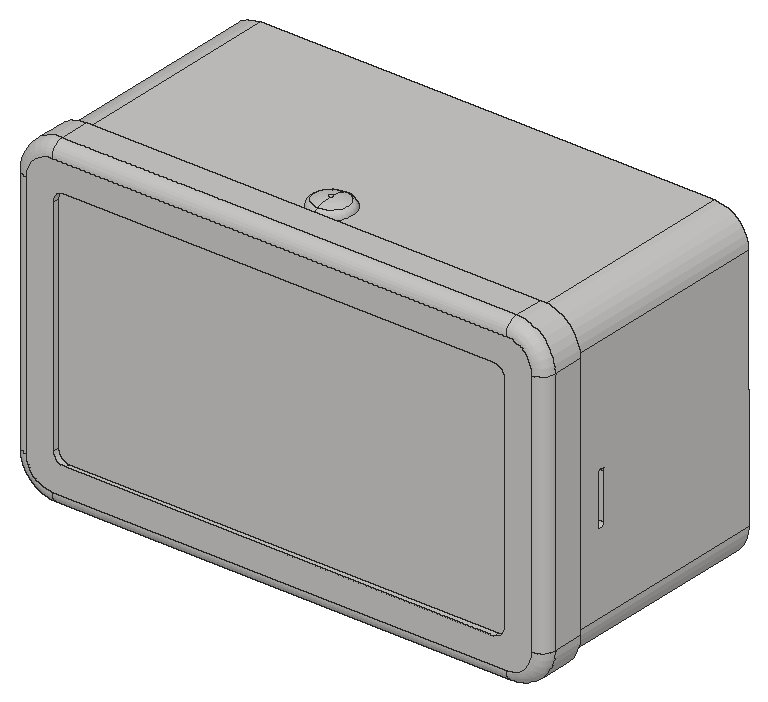
Revit family
Parameters (values of type "B-263")
  URL = "http://www.bobrick.com/"
  Revised Date = "28/08/2013"
  Product URL = "http://www.bobrick.com/washroomaccessories/Pages/ProductDetails.aspx?Product+Number=B-263"
  Phone # = "416.250.5656"
  Model = "B-263"
  Material = Stainless Steel
  Manufacturer = "Bobrick"
  Designed By = "ATS BIM Team"
  Description = "Surface-Mounted Paper Towel Dispenser"
  Assembly Code = "E2020200"
Reference planes (in)
  plane 1 "Center (Front/Back)": y = 0
  plane 2: z = 0
  plane 3 "Center (Left/Right)": x = 0
  plane 4: x = 6.125
  plane 5: x = -6.125
  plane 6: z = 7.5
  plane 7: y = -6
  plane 8: y = -5
  plane 9: x = 3.5
  plane 10: x = -3.5
  plane 11: z = 6.5
  plane 12: z = 1
  plane 13: x = 4.34375
  plane 14: x = 2.65625
  plane 15: z = 1.09375
  plane 16: z = 0.90625
  plane 17: x = -3.5
  plane 18: x = -4.34375
  plane 19: x = -2.65625
Forms (in)
  Extrusion 1, solid, material "Stainless Steel" <- "Material"
    sketch origin (0, 0, 0) x (1, 0, 0) y (0, 0, 1)
      loop
        arc (-5.2264261, 7.5) -> (-5.8618138, 7.2368138) -> (-6.125, 6.6014261) r 0.8985739
        line (-6.125, 6.6014261) -> (-6.125, 0.8985739)
        arc (-6.125, 0.8985739) -> (-5.8618138, 0.2631862) -> (-5.2264261, 0) r 0.8985739
        line (-5.2264261, 0) -> (5.2264261, 0)
        arc (5.2264261, 0) -> (5.8618138, 0.2631862) -> (6.125, 0.8985739) r 0.8985739
        line (6.125, 0.8985739) -> (6.125, 6.6014261)
        arc (6.125, 6.6014261) -> (5.8618138, 7.2368138) -> (5.2264261, 7.5) r 0.8985739
        line (5.2264261, 7.5) -> (-5.2264261, 7.5)
      loop
        arc (-4.9453125, 6.5703125) -> (-5.1220892, 6.4970892) -> (-5.1953125, 6.3203125) r 0.25
        line (-5.1953125, 6.3203125) -> (-5.1953125, 1.1796875)
        arc (-5.1953125, 1.1796875) -> (-5.1220892, 1.0029108) -> (-4.9453125, 0.9296875) r 0.25
        line (-4.9453125, 0.9296875) -> (4.9453125, 0.9296875)
        arc (4.9453125, 0.9296875) -> (5.1220892, 1.0029108) -> (5.1953125, 1.1796875) r 0.25
        line (5.1953125, 1.1796875) -> (5.1953125, 6.3203125)
        arc (5.1953125, 6.3203125) -> (5.1220892, 6.4970892) -> (4.9453125, 6.5703125) r 0.25
        line (4.9453125, 6.5703125) -> (-4.9453125, 6.5703125)
    from 5 to 6
  Sweep 2, void
    path origin (0, 0, 0) x (1, 0, 0) y (0, 0, 1)
      loop
        arc (-6.125, 0.8985739) -> (-5.8618138, 0.2631862) -> (-5.2264261, 0) r 0.8985739
        line (-5.2264261, 0) -> (5.2264261, 0)
        arc (5.2264261, 0) -> (5.8618138, 0.2631862) -> (6.125, 0.8985739) r 0.8985739
        line (6.125, 0.8985739) -> (6.125, 6.6014261)
        arc (6.125, 6.6014261) -> (5.8618138, 7.2368138) -> (5.2264261, 7.5) r 0.8985739
        line (5.2264261, 7.5) -> (-5.2264261, 7.5)
        arc (-5.2264261, 7.5) -> (-5.8618138, 7.2368138) -> (-6.125, 6.6014261) r 0.8985739
        line (-6.125, 6.6014261) -> (-6.125, 0.8985739)
    profile origin (0, 0, 7.5) x (0, 0, -1) y (0, -1, 0)
      loop
        line (0.3013558, 6) -> (0.3013558, 6.2081206) -> (-0.25, 6.2081206) -> (-0.25, 5) -> (0, 5) -> (0, 5.6986442)
        arc (0, 5.6986442) -> (0.0882651, 5.9117349) -> (0.3013558, 6) r 0.3013558
  Extrusion 3, solid, material "Stainless Steel" <- "Material"
    sketch origin (0, 0, 0) x (1, 0, 0) y (0, 0, 1)
      loop
        arc (-6, 0.8985739) -> (-5.7734254, 0.3515746) -> (-5.2264261, 0.125) r 0.7735739
        line (-5.2264261, 0.125) -> (5.2264261, 0.125)
        arc (5.2264261, 0.125) -> (5.7734254, 0.3515746) -> (6, 0.8985739) r 0.7735739
        line (6, 0.8985739) -> (6, 6.6014261)
        arc (6, 6.6014261) -> (5.7734254, 7.1484254) -> (5.2264261, 7.375) r 0.7735739
        line (5.2264261, 7.375) -> (-5.2264261, 7.375)
        arc (-5.2264261, 7.375) -> (-5.7734254, 7.1484254) -> (-6, 6.6014261) r 0.7735739
        line (-6, 6.6014261) -> (-6, 0.8985739)
      loop
        arc (-5.2264261, 7.25) -> (-5.6850371, 7.0600371) -> (-5.875, 6.6014261) r 0.6485739
        line (-5.875, 6.6014261) -> (-5.875, 0.8985739)
        arc (-5.875, 0.8985739) -> (-5.6850371, 0.4399629) -> (-5.2264261, 0.25) r 0.6485739
        line (-5.2264261, 0.25) -> (5.2264261, 0.25)
        arc (5.2264261, 0.25) -> (5.6850371, 0.4399629) -> (5.875, 0.8985739) r 0.6485739
        line (5.875, 0.8985739) -> (5.875, 6.6014261)
        arc (5.875, 6.6014261) -> (5.6850371, 7.0600371) -> (5.2264261, 7.25) r 0.6485739
        line (5.2264261, 7.25) -> (-5.2264261, 7.25)
    from 0 to 5
  Extrusion 4, solid, material "Stainless Steel" <- "Material"
    sketch origin (0, 0, 0) x (1, 0, 0) y (0, 0, 1)
      loop
        line (-5.1953125, 6.5703125) -> (-5.1953125, 0.9296875) -> (5.1953125, 0.9296875) -> (5.1953125, 6.5703125) -> (-5.1953125, 6.5703125)
    from 5 to 5.875
  Extrusion 5, void
    sketch origin (0, 0, 0) x (0, 1, 0) y (0, 0, 1)
      loop
        line (-3.817745, 0.6762631) -> (-3.817745, 0.125) -> (-3.6431057, 0.125) -> (-3.2376983, -0.3756365)
        arc (-3.2376983, -0.3756365) -> (-3.2421241, -0.4600859) -> (-3.3265735, -0.4645117) r 0.0631904
        line (-3.3265735, -0.4645117) -> (-3.7027276, 0) -> (-5.1271554, 0) -> (-5.1271554, -0.7204142) -> (-1.6145249, -0.7204142) -> (-1.6145249, 0) -> (-1.7295423, 0) -> (-2.1056964, -0.4645117)
        arc (-2.1056964, -0.4645117) -> (-2.1901458, -0.4600859) -> (-2.1945716, -0.3756365) r 0.0631904
        line (-2.1945716, -0.3756365) -> (-1.7891642, 0.125) -> (-1.6145249, 0.125) -> (-1.6145249, 0.6762631) -> (-3.817745, 0.6762631)
    from -5.1953125 to 5.1953125
  Extrusion 6, solid, material "Stainless Steel" <- "Material"
    sketch origin (0, 0, 0) x (0, 1, 0) y (0, 0, 1)
      loop
        circle (-4.8902983, 0.0150513) r 0.1099487
    from -5.1953125 to 5.1953125
  Extrusion 7, solid, material "Stainless Steel" <- "Material"
    sketch origin (0, 0, 0) x (1, 0, 0) y (0, 0, 1)
      loop
        line (-5.1953125, 0.125) -> (-4.5659878, -0.625) -> (4.5659878, -0.625) -> (5.1953125, 0.125) -> (-5.1953125, 0.125)
    from 1.6145249 to 5
  Extrusion 8, solid, material "Stainless Steel" <- "Material"
    sketch origin (0, 0, 0) x (1, 0, 0) y (0, 0, 1)
      loop
        line (-2.75, 1.09375) -> (-4.25, 1.09375)
        arc (-4.25, 1.09375) -> (-4.34375, 1) -> (-4.25, 0.90625) r 0.09375
        line (-4.25, 0.90625) -> (-2.75, 0.90625)
        arc (-2.75, 0.90625) -> (-2.65625, 1) -> (-2.75, 1.09375) r 0.09375
      loop
        arc (-3.59375, 5.6623798) -> (-3.5, 5.3125) -> (-3.40625, 5.6623798) r 0.1875
        line (-3.40625, 5.6623798) -> (-3.40625, 5.875)
        arc (-3.40625, 5.875) -> (-3.5, 5.96875) -> (-3.59375, 5.875) r 0.09375
        line (-3.59375, 5.875) -> (-3.59375, 5.6623798)
      loop
        line (-4.25, 6.40625) -> (-2.75, 6.40625)
        arc (-2.75, 6.40625) -> (-2.65625, 6.5) -> (-2.75, 6.59375) r 0.09375
        line (-2.75, 6.59375) -> (-4.25, 6.59375)
        arc (-4.25, 6.59375) -> (-4.34375, 6.5) -> (-4.25, 6.40625) r 0.09375
      loop
        arc (2.75, 6.59375) -> (2.65625, 6.5) -> (2.75, 6.40625) r 0.09375
        line (2.75, 6.40625) -> (4.25, 6.40625)
        arc (4.25, 6.40625) -> (4.34375, 6.5) -> (4.25, 6.59375) r 0.09375
        line (4.25, 6.59375) -> (2.75, 6.59375)
      loop
        line (3.59375, 5.6623798) -> (3.59375, 5.875)
        arc (3.59375, 5.875) -> (3.5, 5.96875) -> (3.40625, 5.875) r 0.09375
        line (3.40625, 5.875) -> (3.40625, 5.6623798)
        arc (3.40625, 5.6623798) -> (3.5, 5.3125) -> (3.59375, 5.6623798) r 0.1875
      loop
        line (4.25, 1.09375) -> (2.75, 1.09375)
        arc (2.75, 1.09375) -> (2.65625, 1) -> (2.75, 0.90625) r 0.09375
        line (2.75, 0.90625) -> (4.25, 0.90625)
        arc (4.25, 0.90625) -> (4.34375, 1) -> (4.25, 1.09375) r 0.09375
      loop
        line (-5.875, 6.6014261) -> (-5.875, 0.8985739)
        arc (-5.875, 0.8985739) -> (-5.6850371, 0.4399629) -> (-5.2264261, 0.25) r 0.6485739
        line (-5.2264261, 0.25) -> (5.2264261, 0.25)
        arc (5.2264261, 0.25) -> (5.6850371, 0.4399629) -> (5.875, 0.8985739) r 0.6485739
        line (5.875, 0.8985739) -> (5.875, 6.6014261)
        arc (5.875, 6.6014261) -> (5.6850371, 7.0600371) -> (5.2264261, 7.25) r 0.6485739
        line (5.2264261, 7.25) -> (-5.2264261, 7.25)
        arc (-5.2264261, 7.25) -> (-5.6850371, 7.0600371) -> (-5.875, 6.6014261) r 0.6485739
    from 0 to 0.1732438
  Revolve 9, solid, material "Stainless Steel" <- "Material"
    sketch origin (0, 0, 0) x (0, 1, 0) y (0, 0, 1)
      loop
        line (-4.5, 7.3740583) -> (-4.0103001, 7.3740583)
        arc (-4.0103001, 7.3740583) -> (-4.0397566, 7.462387) -> (-4.1126837, 7.5202772) r 0.1633687
        arc (-4.1126837, 7.5202772) -> (-4.2750583, 7.5702915) -> (-4.4434733, 7.5927268) r 1.0224647
        line (-4.4434733, 7.5927268) -> (-4.5, 7.5927268) -> (-4.5, 7.3740583)
      axis (-4.5, 7.5927268) -> (-4.5, 7.3740583)
    angle from 0 to 360
  Extrusion 10, void
    sketch origin (0, 0, 0) x (0, 1, 0) y (0, 0, 1)
      loop
        line (-4.34375, 3.8946458) -> (-4.34375, 2.8321458)
        arc (-4.34375, 2.8321458) -> (-4.25, 2.7383958) -> (-4.15625, 2.8321458) r 0.09375
        line (-4.15625, 2.8321458) -> (-4.15625, 3.8946458)
        arc (-4.15625, 3.8946458) -> (-4.25, 3.9883958) -> (-4.34375, 3.8946458) r 0.09375
    from -6.6999181 to 6.5897594
Cuts and joins
  Sweep 2 cuts Extrusion 1
  joined: Extrusion 1, Extrusion 4
  Extrusion 5, Extrusion 10 cuts Extrusion 3
  Extrusion 10 cuts Extrusion 8
  joined: Extrusion 3, Extrusion 8, Revolve 9
  Extrusion 5 cuts Extrusion 7
Dimensions and locks (in)
  plane 5 to plane 4 = 1' - 0 1/4"
  plane 17 to plane 9 = 0' - 7"
  plane 15 to plane 16 = 0' - 0 3/16"
  plane 6 to level = 0' - 7 1/2"  (x2)
  plane 11 to plane 12 = 0' - 5 1/2"
  plane 7 to plane 1 "Center (Front/Back)" = 0' - 6"
